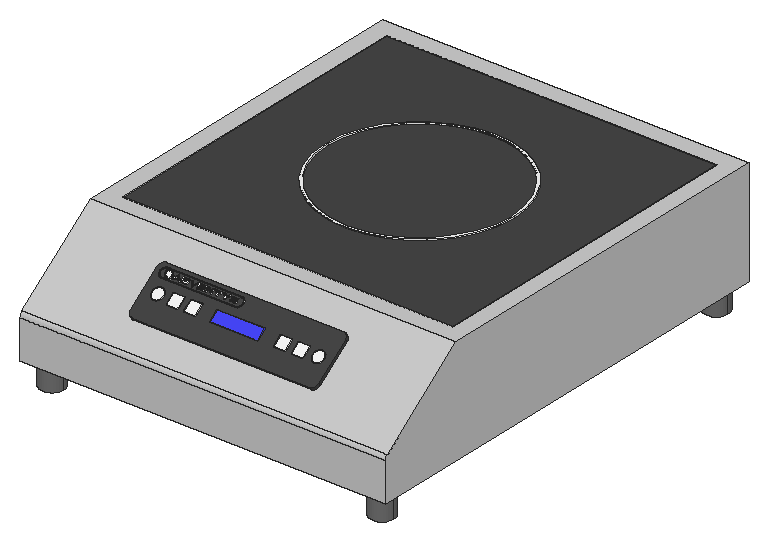
Revit family "QF_ADVENTYS_GLN_3500_250902082906", category Specialty Equipment, Revit 2021
Family settings
  Round Connector Dimension = Use Diameter
  Part Type = Normal
  OmniClass Number = 23.40.40.14
  OmniClass Title = Food Service Equipment
  Work Plane-Based = No
  Always vertical = Yes
  Cut with Voids When Loaded = No
  Shared = No
  Room Calculation Point = No
Parameters (values of type "ADV1702")
  Weight in Pounds [instance] = 0
  Weight = 4.40 kg
  Warranty Start Date [instance] = ""
  Warranty Duration [instance] = ""
  Volts [instance] = 230 V
  URL Recommended Spares List = ""
  URL Manufacturer = ""
  URL Cutsheet = ""
  URL Critical Spares List = ""
  URL = "www.adventys.com"
  Tag Number [instance] = ""
  Status [instance] = ""
  Specification by User [instance] = ""
  Specification by Manufacturer [instance] = ""
  Sound Level [instance] = ""
  Solid Fuel Type [instance] = ""
  Service Life Duration [instance] = ""
  Serial Number [instance] = ""
  Seismic Rating [instance] = ""
  SMACNA No [instance] = ""
  Revision Code [instance] = ""
  Revision [instance] = ""
  Production Year [instance] = ""
  Point Load [instance] = 0
  Phase [instance] = 1
  Other Equipment Approvals [instance] = ""
  Number of Poles [instance] = 2
  NAFEM Spec ID Number [instance] = ""
  Model Warning [instance] = ""
  Model = "GLN 3500"
  Min Ckt Ampacity [instance] = 0 A
  Max Overcurrent Protection [instance] = 25 A
  Masterspec [instance] = ""
  Manufacturer = "ADVENTYS"
  Length Actual = 310 mm
  Item Number [instance] = ""
  Installed By [instance] = ""
  Installation Date [instance] = ""
  Identify Quantity as Lot [instance] = no
  ID [instance] = ""
  Hygiene Approval [instance] = ""
  Hot Water Consumption = 0.0 L/s
  Height Actual = 110 mm
  HP power [instance] = ""
  Furnished By [instance] = ""
  Foodservice Equipment Identifier [instance] = no
  FL Amps [instance] = 16 A
  Electrical Remarks [instance] = ""
  Electric power [instance] = 0 W
  Electric Connection Type [instance] = ""
  Elec Conn RI Height [instance] = 0 mm
  Elec Conn Connection Height [instance] = 0 mm
  ETL Approved [instance] = no
  Description = "1 ZONE UNIT – FREESTANDING INDUCTION COOKING APPLIANCE-3500W"
  Depth Actual = 385 mm
  Default Elevation = 0 mm
  Cycle [instance] = 50 Hz
  Cost = 0
  Conn Plug [instance] = ""
  Conn Conduit [instance] = no
  CSI MasterFormat [instance] = ""
  CE Approved [instance] = no
  Barcode [instance] = 0
  Author [instance] = ""
  Asset Identifier [instance] = ""
  Apparent Power [instance] = 3500 VA
  Accessory = no
Reference planes
  plane 1 "Center (Front/Back)": y = 0
  plane 2: z = 0
  plane 3 "Center (Left/Right)": x = 0
Forms (mm)
  Extrusion 1, solid, not visible
    sketch origin (155.008, -15.001, 20.001) x (1, 0, 0) y (0, 1, 0)
      loop
        line (-2, 2) -> (-2, -2) -> (2, -2) -> (2, 2) -> (-2, 2)
    from -2 to 2
Dimensions and locks
  locked: nested 2 to Extrusion 1 at 2  (x2)
  aligned and locked: level to plane 2
Nested families
  nested 1: "QF_ADVENTYS_ADV1869_2916" at (0, 0, 0), type "ADV1702"
    with Status "", Show Logo yes, Show Clearance yes
  nested 2: "CONN_POINT_ELE_2D___Generic_Annotation" at (155.008, -15.001, 18.001), type "CONN_POINT_ELE_2D___Generic_Annotation"
    with Onboard connection annotation symbol visibility yes
Connectors
  electrical at (155.008, -15.001, 18.001), driven by "Apparent Power", driven by "Number of Poles", driven by "Volts"
    settings: on Extrusion 1, index 1, voltage 230 V, apparent load 0 VA, apparent load phase1 3500 VA, apparent load phase2 0 VA, apparent load phase3 0 VA, power factor 1, load classification "Other", number of poles 2, system type 31, power factor state 1, is connector primary yes, connector utility no, sub classification motor no, connector description "Electrical connection for GLN 3500"
Definition of nested family "QF_ADVENTYS_ADV1869_2916"
  Parameters (values of type "ADV1870")
    URL = "www.adventys.com"
    Status [instance] = ""
    Show Logo [instance] = yes
    Show Clearance [instance] = yes
    Model = "GLN 2500 PASTRY"
    Manufacturer = "ADVENTYS"
    Description = "1 ZONE UNIT – FREESTANDING INDUCTION COOKING APPLIANCE-2500W"
    Default Elevation = 0 mm
    Author = "SPECIFI"
    Assembly Code = "E1090320"
  Types (3, lengths in mm): name | Model | Description
    ADV1702 | "GLN 3500" | "1 ZONE UNIT – FREESTANDING INDUCTION COOKING APPLIANCE-3500W"
    ADV1870 | "GLN 2500 PASTRY" | "1 ZONE UNIT – FREESTANDING INDUCTION COOKING APPLIANCE-2500W"
    ADV1869 | "GLN 3000" | "1 ZONE UNIT – FREESTANDING INDUCTION COOKING APPLIANCE-3000W"
  Reference planes
    plane 1 "Back": y = 0
    plane 2: z = 0
    plane 3 "Left": x = 0
    plane 4 "Right": x = 310
    plane 5 "Front": y = -385
    plane 6 "Top": z = 110
    plane 7: x = 155
    plane 8: y = -155
  Forms (mm)
    Extrusion 1, solid
      sketch origin (0, 0, 0) x (1, 0, 0) y (0, 1, 0)
        loop
          line (0, 0) -> (0, -310) -> (310, -310) -> (310, 0) -> (0, 0)
        loop
          line (15, -15) -> (15, -295) -> (295, -295) -> (295, -15) -> (15, -15)
      from 20 to 110
    Extrusion 2, solid
      sketch origin (0, 0, 0) x (1, 0, 0) y (0, 1, 0)
        loop
          line (15, -15) -> (15, -295) -> (295, -295) -> (295, -15) -> (15, -15)
      from 101.726 to 110
    Extrusion 3, solid
      sketch origin (0, 0, -19.538) x (1, 0, 0) y (0, 1, 0)
        loop
          circle (155, -155) r 80
        loop
          circle (155, -155) r 78
      from 128 to 130
    Extrusion 4, solid
      sketch origin (0, 0, 0) x (0, 1, 0) y (0, 0, 1)
        loop
          line (-310, 20) -> (-310, 110) -> (-382.957, 56.498)
          arc (-382.957, 56.498) -> (-384.46, 54.726) -> (-385, 52.466) r 5
          line (-385, 52.466) -> (-385, 20) -> (-310, 20)
      from 0 to 310
    Extrusion 5, solid
      sketch origin (0, 0, -81.726) x (1, 0, 0) y (0, 1, 0)
        loop
          line (15, -15) -> (15, -295) -> (295, -295) -> (295, -15) -> (15, -15)
      from 101.726 to 110
    Extrusion 6, solid
      sketch origin (0, 0, 0) x (1, 0, 0) y (0, 1, 0)
        loop
          circle (15, -15) r 10
        loop
          circle (295, -15) r 10
        loop
          circle (295, -370) r 10
        loop
          circle (15, -370) r 10
      from 0 to 20
    Extrusion 7, solid
      sketch origin (-4.081, 0, 0) x (0, 1, 0) y (0, 0, 1)
        loop
          line (0, 97.125) -> (0, 91.484) -> (5.641, 91.484)
          arc (5.641, 91.484) -> (3.989, 95.473) -> (0, 97.125) r 5.641
        loop
          line (0, 79.125) -> (0, 73.484) -> (5.641, 73.484)
          arc (5.641, 73.484) -> (3.989, 77.473) -> (0, 79.125) r 5.641
        loop
          line (0, 61.125) -> (0, 55.484) -> (5.641, 55.484)
          arc (5.641, 55.484) -> (3.989, 59.473) -> (0, 61.125) r 5.641
        loop
          line (0, 43.125) -> (0, 37.484) -> (5.641, 37.484)
          arc (5.641, 37.484) -> (3.989, 41.473) -> (0, 43.125) r 5.641
      from 140.518 to 177.644
    Extrusion 8, solid
      sketch origin (53.045, 0, 0) x (0, 1, 0) y (0, 0, 1)
        loop
          line (0, 97.125) -> (0, 91.484) -> (5.641, 91.484)
          arc (5.641, 91.484) -> (3.989, 95.473) -> (0, 97.125) r 5.641
        loop
          line (0, 79.125) -> (0, 73.484) -> (5.641, 73.484)
          arc (5.641, 73.484) -> (3.989, 77.473) -> (0, 79.125) r 5.641
        loop
          line (0, 61.125) -> (0, 55.484) -> (5.641, 55.484)
          arc (5.641, 55.484) -> (3.989, 59.473) -> (0, 61.125) r 5.641
        loop
          line (0, 43.125) -> (0, 37.484) -> (5.641, 37.484)
          arc (5.641, 37.484) -> (3.989, 41.473) -> (0, 43.125) r 5.641
      from 140.518 to 177.644
    Extrusion 9, solid
      sketch origin (110.172, 0, 0) x (0, 1, 0) y (0, 0, 1)
        loop
          line (0, 97.125) -> (0, 91.484) -> (5.641, 91.484)
          arc (5.641, 91.484) -> (3.989, 95.473) -> (0, 97.125) r 5.641
        loop
          line (0, 79.125) -> (0, 73.484) -> (5.641, 73.484)
          arc (5.641, 73.484) -> (3.989, 77.473) -> (0, 79.125) r 5.641
        loop
          line (0, 61.125) -> (0, 55.484) -> (5.641, 55.484)
          arc (5.641, 55.484) -> (3.989, 59.473) -> (0, 61.125) r 5.641
        loop
          line (0, 43.125) -> (0, 37.484) -> (5.641, 37.484)
          arc (5.641, 37.484) -> (3.989, 41.473) -> (0, 43.125) r 5.641
      from 140.518 to 177.644
    Extrusion 10, solid
      sketch origin (256.955, 0, 0) x (0, 1, 0) y (0, 0, -1)
        loop
          arc (0, -97.125) -> (3.989, -95.473) -> (5.641, -91.484) r 5.641
          line (5.641, -91.484) -> (0, -91.484) -> (0, -97.125)
        loop
          arc (0, -79.125) -> (3.989, -77.473) -> (5.641, -73.484) r 5.641
          line (5.641, -73.484) -> (0, -73.484) -> (0, -79.125)
        loop
          arc (0, -61.125) -> (3.989, -59.473) -> (5.641, -55.484) r 5.641
          line (5.641, -55.484) -> (0, -55.484) -> (0, -61.125)
        loop
          arc (0, -43.125) -> (3.989, -41.473) -> (5.641, -37.484) r 5.641
          line (5.641, -37.484) -> (0, -37.484) -> (0, -43.125)
      from 140.518 to 177.644
    Extrusion 11, solid
      sketch origin (199.828, 0, 0) x (0, 1, 0) y (0, 0, -1)
        loop
          arc (0, -97.125) -> (3.989, -95.473) -> (5.641, -91.484) r 5.641
          line (5.641, -91.484) -> (0, -91.484) -> (0, -97.125)
        loop
          arc (0, -79.125) -> (3.989, -77.473) -> (5.641, -73.484) r 5.641
          line (5.641, -73.484) -> (0, -73.484) -> (0, -79.125)
        loop
          arc (0, -61.125) -> (3.989, -59.473) -> (5.641, -55.484) r 5.641
          line (5.641, -55.484) -> (0, -55.484) -> (0, -61.125)
        loop
          arc (0, -43.125) -> (3.989, -41.473) -> (5.641, -37.484) r 5.641
          line (5.641, -37.484) -> (0, -37.484) -> (0, -43.125)
      from 140.518 to 177.644
    Extrusion 12, solid
      sketch origin (0, 0, 0) x (1, 0, 0) y (0, 1, 0)
        loop
          circle (155, -15) r 10
      from 17.922 to 20
    Extrusion 13, solid
      sketch origin (0, 16.725, 172.268) x (1, 0, 0) y (0, 0.806405, 0.591364)
        loop
          arc (80, -323.032) -> (76.464, -324.496) -> (75, -328.032) r 5
          line (75, -328.032) -> (75, -363.032)
          arc (75, -363.032) -> (76.464, -366.568) -> (80, -368.032) r 5
          line (80, -368.032) -> (230, -368.032)
          arc (230, -368.032) -> (233.536, -366.568) -> (235, -363.032) r 5
          line (235, -363.032) -> (235, -328.032)
          arc (235, -328.032) -> (233.536, -324.496) -> (230, -323.032) r 5
          line (230, -323.032) -> (80, -323.032)
        loop
          circle (86.885, -345.532) r 5
        loop
          line (96.885, -341.532) -> (96.885, -349.532)
          arc (96.885, -349.532) -> (97.178, -350.239) -> (97.885, -350.532) r 1
          line (97.885, -350.532) -> (105.885, -350.532)
          arc (105.885, -350.532) -> (106.592, -350.239) -> (106.885, -349.532) r 1
          line (106.885, -349.532) -> (106.885, -341.532)
          arc (106.885, -341.532) -> (106.592, -340.825) -> (105.885, -340.532) r 1
          line (105.885, -340.532) -> (97.885, -340.532)
          arc (97.885, -340.532) -> (97.178, -340.825) -> (96.885, -341.532) r 1
        loop
          line (111.885, -341.532) -> (111.885, -349.532)
          arc (111.885, -349.532) -> (112.178, -350.239) -> (112.885, -350.532) r 1
          line (112.885, -350.532) -> (120.885, -350.532)
          arc (120.885, -350.532) -> (121.592, -350.239) -> (121.885, -349.532) r 1
          line (121.885, -349.532) -> (121.885, -341.532)
          arc (121.885, -341.532) -> (121.592, -340.825) -> (120.885, -340.532) r 1
          line (120.885, -340.532) -> (112.885, -340.532)
          arc (112.885, -340.532) -> (112.178, -340.825) -> (111.885, -341.532) r 1
        loop
          circle (223.115, -345.532) r 5
        loop
          arc (213.115, -341.532) -> (212.822, -340.825) -> (212.115, -340.532) r 1
          line (212.115, -340.532) -> (204.115, -340.532)
          arc (204.115, -340.532) -> (203.408, -340.825) -> (203.115, -341.532) r 1
          line (203.115, -341.532) -> (203.115, -349.532)
          arc (203.115, -349.532) -> (203.408, -350.239) -> (204.115, -350.532) r 1
          line (204.115, -350.532) -> (212.115, -350.532)
          arc (212.115, -350.532) -> (212.822, -350.239) -> (213.115, -349.532) r 1
          line (213.115, -349.532) -> (213.115, -341.532)
        loop
          arc (198.115, -341.532) -> (197.822, -340.825) -> (197.115, -340.532) r 1
          line (197.115, -340.532) -> (189.115, -340.532)
          arc (189.115, -340.532) -> (188.408, -340.825) -> (188.115, -341.532) r 1
          line (188.115, -341.532) -> (188.115, -349.532)
          arc (188.115, -349.532) -> (188.408, -350.239) -> (189.115, -350.532) r 1
          line (189.115, -350.532) -> (197.115, -350.532)
          arc (197.115, -350.532) -> (197.822, -350.239) -> (198.115, -349.532) r 1
          line (198.115, -349.532) -> (198.115, -341.532)
        loop
          line (134.135, -340.532) -> (134.135, -350.532) -> (174.814, -350.532) -> (174.814, -340.532) -> (134.135, -340.532)
      from 143 to 145
    Extrusion 14, solid
      sketch origin (0, 16.725, 172.268) x (1, 0, 0) y (0, 0.806405, 0.591364)
        loop
          circle (86.885, -345.532) r 5
        loop
          arc (97.885, -340.532) -> (97.178, -340.825) -> (96.885, -341.532) r 1
          line (96.885, -341.532) -> (96.885, -349.532)
          arc (96.885, -349.532) -> (97.178, -350.239) -> (97.885, -350.532) r 1
          line (97.885, -350.532) -> (105.885, -350.532)
          arc (105.885, -350.532) -> (106.592, -350.239) -> (106.885, -349.532) r 1
          line (106.885, -349.532) -> (106.885, -341.532)
          arc (106.885, -341.532) -> (106.592, -340.825) -> (105.885, -340.532) r 1
          line (105.885, -340.532) -> (97.885, -340.532)
        loop
          arc (112.885, -340.532) -> (112.178, -340.825) -> (111.885, -341.532) r 1
          line (111.885, -341.532) -> (111.885, -349.532)
          arc (111.885, -349.532) -> (112.178, -350.239) -> (112.885, -350.532) r 1
          line (112.885, -350.532) -> (120.885, -350.532)
          arc (120.885, -350.532) -> (121.592, -350.239) -> (121.885, -349.532) r 1
          line (121.885, -349.532) -> (121.885, -341.532)
          arc (121.885, -341.532) -> (121.592, -340.825) -> (120.885, -340.532) r 1
          line (120.885, -340.532) -> (112.885, -340.532)
        loop
          circle (223.115, -345.532) r 5
        loop
          line (212.115, -340.532) -> (204.115, -340.532)
          arc (204.115, -340.532) -> (203.408, -340.825) -> (203.115, -341.532) r 1
          line (203.115, -341.532) -> (203.115, -349.532)
          arc (203.115, -349.532) -> (203.408, -350.239) -> (204.115, -350.532) r 1
          line (204.115, -350.532) -> (212.115, -350.532)
          arc (212.115, -350.532) -> (212.822, -350.239) -> (213.115, -349.532) r 1
          line (213.115, -349.532) -> (213.115, -341.532)
          arc (213.115, -341.532) -> (212.822, -340.825) -> (212.115, -340.532) r 1
        loop
          line (197.115, -340.532) -> (189.115, -340.532)
          arc (189.115, -340.532) -> (188.408, -340.825) -> (188.115, -341.532) r 1
          line (188.115, -341.532) -> (188.115, -349.532)
          arc (188.115, -349.532) -> (188.408, -350.239) -> (189.115, -350.532) r 1
          line (189.115, -350.532) -> (197.115, -350.532)
          arc (197.115, -350.532) -> (197.822, -350.239) -> (198.115, -349.532) r 1
          line (198.115, -349.532) -> (198.115, -341.532)
          arc (198.115, -341.532) -> (197.822, -340.825) -> (197.115, -340.532) r 1
      from 143 to 145
    Extrusion 15, solid, visible <- "Show Logo"
      sketch origin (-4.557, 111.078, 202.063) x (1, 0, 0) y (0, 0.806405, 0.591364)
        loop
          arc (88.581, -421.313) -> (88.113, -421.507) -> (87.92, -421.974) r 0.661
          line (87.92, -421.974) -> (87.92, -423.61)
          arc (87.92, -423.61) -> (88.124, -424.087) -> (88.609, -424.27) r 0.661
          line (88.609, -424.27) -> (88.609, -423.032)
          arc (88.609, -423.032) -> (88.952, -422.351) -> (89.662, -422.077) r 1.058
          line (89.662, -422.077) -> (92.486, -422.077)
          arc (92.486, -422.077) -> (92.335, -421.544) -> (91.833, -421.313) r 0.661
          line (91.833, -421.313) -> (88.581, -421.313)
        loop
          arc (88.581, -420.916) -> (87.833, -421.226) -> (87.523, -421.974) r 1.058
          line (87.523, -421.974) -> (87.523, -423.61)
          arc (87.523, -423.61) -> (87.843, -424.368) -> (88.609, -424.667) r 1.058
          arc (88.609, -424.667) -> (88.88, -425.483) -> (89.667, -425.828) r 1.058
          arc (89.667, -425.828) -> (89.974, -426.583) -> (90.725, -426.896) r 1.058
          line (90.725, -426.896) -> (93.719, -426.896)
          arc (93.719, -426.896) -> (94.467, -426.586) -> (94.777, -425.838) r 1.058
          line (94.777, -425.838) -> (94.777, -424.306)
          arc (94.777, -424.306) -> (94.463, -423.554) -> (93.708, -423.248) r 1.058
          arc (93.708, -423.248) -> (93.515, -422.517) -> (92.883, -422.101) r 1.058
          arc (92.883, -422.101) -> (92.625, -421.273) -> (91.833, -420.916) r 1.058
          line (91.833, -420.916) -> (88.581, -420.916)
        loop
          arc (93.719, -426.499) -> (94.187, -426.306) -> (94.38, -425.838) r 0.661
          line (94.38, -425.838) -> (94.38, -424.306)
          arc (94.38, -424.306) -> (94.185, -423.837) -> (93.714, -423.645) r 0.661
          line (93.714, -423.645) -> (93.714, -424.77)
          arc (93.714, -424.77) -> (93.404, -425.518) -> (92.656, -425.828) r 1.058
          line (92.656, -425.828) -> (90.064, -425.828)
          arc (90.064, -425.828) -> (90.254, -426.302) -> (90.725, -426.499) r 0.661
          line (90.725, -426.499) -> (93.719, -426.499)
        loop
          arc (95.546, -425.156) -> (95.587, -425.684) -> (96.116, -425.67) r 0.384
          line (96.116, -425.67) -> (96.845, -424.94) -> (99.743, -424.94) -> (100.472, -425.67)
          arc (100.472, -425.67) -> (101.001, -425.684) -> (101.042, -425.156) r 0.384
          line (101.042, -425.156) -> (98.294, -421.762) -> (95.546, -425.156)
        loop
          line (98.294, -423.127) -> (97.364, -424.275) -> (99.224, -424.275) -> (98.294, -423.127)
        loop
          line (102.315, -421.827) -> (102.315, -425.732) -> (105.995, -425.732)
          arc (105.995, -425.732) -> (107.947, -423.78) -> (105.995, -421.827) r 1.953
          line (105.995, -421.827) -> (102.315, -421.827)
        loop
          line (105.995, -422.854) -> (103.343, -422.854) -> (103.343, -424.705) -> (105.995, -424.705)
          arc (105.995, -424.705) -> (106.92, -423.78) -> (105.995, -422.854) r 0.925
        loop
          arc (109.84, -422.053) -> (109.312, -422.039) -> (109.27, -422.566) r 0.384
          line (109.27, -422.566) -> (112.019, -425.961) -> (114.767, -422.566)
          arc (114.767, -422.566) -> (114.725, -422.039) -> (114.197, -422.053) r 0.384
          line (114.197, -422.053) -> (112.019, -424.743) -> (109.84, -422.053)
        loop
          line (121.269, -421.781) -> (116.07, -421.781) -> (116.07, -425.732) -> (121.269, -425.732)
          arc (121.269, -425.732) -> (121.671, -425.331) -> (121.269, -424.93) r 0.401
          line (121.269, -424.93) -> (116.972, -424.93) -> (116.972, -424.139) -> (121.269, -424.139)
          arc (121.269, -424.139) -> (121.633, -423.775) -> (121.269, -423.412) r 0.363
          line (121.269, -423.412) -> (116.972, -423.412) -> (116.972, -422.583) -> (121.269, -422.583)
          arc (121.269, -422.583) -> (121.671, -422.182) -> (121.269, -421.781) r 0.401
        loop
          line (122.879, -422.331) -> (122.879, -425.274)
          arc (122.879, -425.274) -> (123.306, -425.701) -> (123.733, -425.274) r 0.427
          line (123.733, -425.274) -> (123.733, -423.122) -> (127.538, -425.5)
          arc (127.538, -425.5) -> (128.155, -425.516) -> (128.468, -424.984) r 0.608
          line (128.468, -424.984) -> (128.468, -422.254)
          arc (128.468, -422.254) -> (128.018, -421.804) -> (127.568, -422.254) r 0.45
          line (127.568, -422.254) -> (127.568, -424.337) -> (123.663, -421.897)
          arc (123.663, -421.897) -> (123.143, -421.883) -> (122.879, -422.331) r 0.513
        loop
          arc (130.273, -421.857) -> (129.778, -422.352) -> (130.273, -422.846) r 0.494
          line (130.273, -422.846) -> (132.065, -422.846) -> (132.065, -425.082)
          arc (132.065, -425.082) -> (132.54, -425.558) -> (133.016, -425.082) r 0.475
          line (133.016, -425.082) -> (133.016, -422.846) -> (134.724, -422.846)
          arc (134.724, -422.846) -> (135.218, -422.352) -> (134.724, -421.857) r 0.494
          line (134.724, -421.857) -> (130.273, -421.857)
        loop
          line (139.461, -423.175) -> (137.5, -421.853)
          arc (137.5, -421.853) -> (136.836, -421.982) -> (136.965, -422.646) r 0.479
          line (136.965, -422.646) -> (138.926, -423.969) -> (138.926, -425.108)
          arc (138.926, -425.108) -> (139.461, -425.643) -> (139.997, -425.108) r 0.535
          line (139.997, -425.108) -> (139.997, -423.969) -> (141.958, -422.646)
          arc (141.958, -422.646) -> (142.087, -421.982) -> (141.423, -421.853) r 0.479
          line (141.423, -421.853) -> (139.461, -423.175)
        loop
          line (148.501, -421.857) -> (144.795, -421.857)
          arc (144.795, -421.857) -> (143.661, -422.991) -> (144.795, -424.125) r 1.134
          line (144.795, -424.125) -> (147.852, -424.125)
          arc (147.852, -424.125) -> (148.265, -424.538) -> (147.852, -424.951) r 0.413
          line (147.852, -424.951) -> (144.128, -424.951)
          arc (144.128, -424.951) -> (143.786, -425.292) -> (144.128, -425.634) r 0.342
          line (144.128, -425.634) -> (148.218, -425.634)
          arc (148.218, -425.634) -> (148.994, -424.394) -> (147.885, -423.44) r 1.122
          line (147.885, -423.44) -> (144.736, -423.44)
          arc (144.736, -423.44) -> (144.286, -422.99) -> (144.736, -422.541) r 0.45
          line (144.736, -422.541) -> (148.501, -422.541)
          arc (148.501, -422.541) -> (148.843, -422.199) -> (148.501, -421.857) r 0.342
        loop
          arc (87.442, -420.162) -> (83.674, -423.931) -> (87.442, -427.699) r 3.769
          line (87.442, -427.699) -> (150.103, -427.699)
          arc (150.103, -427.699) -> (153.872, -423.931) -> (150.103, -420.162) r 3.769
          line (150.103, -420.162) -> (87.442, -420.162)
        loop
          arc (87.442, -419.771) -> (83.283, -423.931) -> (87.442, -428.091) r 4.16
          line (87.442, -428.091) -> (150.103, -428.091)
          arc (150.103, -428.091) -> (154.263, -423.931) -> (150.103, -419.771) r 4.16
          line (150.103, -419.771) -> (87.442, -419.771)
      from 176.77 to 176.97
    Extrusion 16, solid
      sketch origin (17.5, 16.725, 172.268) x (1, 0, 0) y (0, 0.806405, 0.591364)
        loop
          line (116.635, -340.532) -> (116.635, -350.532) -> (157.314, -350.532) -> (157.314, -340.532) -> (116.635, -340.532)
      from 143 to 145
  Cuts and joins
    joined: Extrusion 1, Extrusion 4
  Lines and regions (mm)
    symbolic lines
      curve 1: line (310, 0, 0) -> (0, 0, 0)
      curve 2: line (0, 0, 0) -> (0, -385, 0)
      curve 3: line (310, -385, 0) -> (310, 0, 0)
      curve 4: line (0, -385, 0) -> (310, -385, 0)
      curve 5: circle (155, -155, 0) r 78 normal (0, 0, -1)
      curve 6: line (310, -310, 0) -> (0, -310, 0)
      curve 7: line (15, -15, 0) -> (15, -295, 0)
      curve 8: line (295, -15, 0) -> (15, -15, 0)
      curve 9: line (295, -295, 0) -> (295, -15, 0)
      curve 10: line (15, -295, 0) -> (295, -295, 0)
      curve 11: line (235, -361.773, 0) -> (235, -333.549, 0)
      curve 12: spline (230, -365.805, 0) -> (230.653, -365.771, 0) -> (231.294, -365.668, 0) -> (231.913, -365.498, 0) -> (232.5, -365.265, 0) -> (233.044, -364.972, 0) -> (233.536, -364.624, 0) -> (233.967, -364.228, 0) -> (234.33, -363.789, 0) -> (234.619, -363.316, 0) -> (234.83, -362.817, 0) -> (234.957, -362.3, 0) -> (235, -361.773, 0)
      curve 13: line (80, -365.805, 0) -> (230, -365.805, 0)
      curve 14: spline (75, -361.773, 0) -> (75.043, -362.3, 0) -> (75.17, -362.817, 0) -> (75.381, -363.316, 0) -> (75.67, -363.789, 0) -> (76.033, -364.228, 0) -> (76.464, -364.624, 0) -> (76.956, -364.972, 0) -> (77.5, -365.265, 0) -> (78.087, -365.498, 0) -> (78.706, -365.668, 0) -> (79.347, -365.771, 0) -> (80, -365.805, 0)
      curve 15: line (75, -333.549, 0) -> (75, -361.773, 0)
      curve 16: spline (80, -329.517, 0) -> (79.347, -329.552, 0) -> (78.706, -329.654, 0) -> (78.087, -329.824, 0) -> (77.5, -330.057, 0) -> (76.956, -330.35, 0) -> (76.464, -330.698, 0) -> (76.033, -331.095, 0) -> (75.67, -331.533, 0) -> (75.381, -332.006, 0) -> (75.17, -332.505, 0) -> (75.043, -333.023, 0) -> (75, -333.549, 0)
      curve 17: line (230, -329.517, 0) -> (80, -329.517, 0)
      curve 18: spline (235, -333.549, 0) -> (234.957, -333.023, 0) -> (234.83, -332.505, 0) -> (234.619, -332.006, 0) -> (234.33, -331.533, 0) -> (233.967, -331.095, 0) -> (233.536, -330.698, 0) -> (233.044, -330.35, 0) -> (232.5, -330.057, 0) -> (231.913, -329.824, 0) -> (231.294, -329.654, 0) -> (230.653, -329.552, 0) -> (230, -329.517, 0)
      curve 19: spline (228.115, -347.661, 0) -> (227.945, -346.618, 0) -> (227.445, -345.645, 0) -> (226.651, -344.81, 0) -> (225.615, -344.169, 0) -> (224.409, -343.766, 0) -> (223.115, -343.629, 0) -> (221.821, -343.766, 0) -> (220.615, -344.169, 0) -> (219.58, -344.81, 0) -> (218.785, -345.645, 0) -> (218.286, -346.618, 0) -> (218.115, -347.661, 0)
      curve 20: spline (218.115, -347.661, 0) -> (218.286, -348.705, 0) -> (218.785, -349.677, 0) -> (219.58, -350.512, 0) -> (220.615, -351.153, 0) -> (221.821, -351.556, 0) -> (223.115, -351.693, 0) -> (224.409, -351.556, 0) -> (225.615, -351.153, 0) -> (226.651, -350.512, 0) -> (227.445, -349.677, 0) -> (227.945, -348.705, 0) -> (228.115, -347.661, 0)
      curve 21: line (213.115, -350.887, 0) -> (213.115, -344.436, 0)
      curve 22: line (212.115, -343.629, 0) -> (204.115, -343.629, 0)
      curve 23: line (203.115, -344.436, 0) -> (203.115, -350.887, 0)
      curve 24: line (204.115, -351.693, 0) -> (212.115, -351.693, 0)
      curve 25: spline (204.115, -351.693, 0) -> (203.985, -351.686, 0) -> (203.857, -351.666, 0) -> (203.733, -351.632, 0) -> (203.615, -351.585, 0) -> (203.507, -351.527, 0) -> (203.408, -351.457, 0) -> (203.322, -351.378, 0) -> (203.249, -351.29, 0) -> (203.191, -351.195, 0) -> (203.149, -351.095, 0) -> (203.124, -350.992, 0) -> (203.115, -350.887, 0)
      curve 26: spline (213.115, -344.436, 0) -> (213.107, -344.33, 0) -> (213.081, -344.227, 0) -> (213.039, -344.127, 0) -> (212.981, -344.032, 0) -> (212.909, -343.945, 0) -> (212.822, -343.865, 0) -> (212.724, -343.796, 0) -> (212.615, -343.737, 0) -> (212.498, -343.69, 0) -> (212.374, -343.657, 0) -> (212.246, -343.636, 0) -> (212.115, -343.629, 0)
      curve 27: spline (212.115, -351.693, 0) -> (212.246, -351.686, 0) -> (212.374, -351.666, 0) -> (212.498, -351.632, 0) -> (212.615, -351.585, 0) -> (212.724, -351.527, 0) -> (212.822, -351.457, 0) -> (212.909, -351.378, 0) -> (212.981, -351.29, 0) -> (213.039, -351.195, 0) -> (213.081, -351.095, 0) -> (213.107, -350.992, 0) -> (213.115, -350.887, 0)
      curve 28: spline (203.115, -344.436, 0) -> (203.124, -344.33, 0) -> (203.149, -344.227, 0) -> (203.191, -344.127, 0) -> (203.249, -344.032, 0) -> (203.322, -343.945, 0) -> (203.408, -343.865, 0) -> (203.507, -343.796, 0) -> (203.615, -343.737, 0) -> (203.733, -343.69, 0) -> (203.857, -343.657, 0) -> (203.985, -343.636, 0) -> (204.115, -343.629, 0)
      curve 29: line (198.115, -350.887, 0) -> (198.115, -344.436, 0)
      curve 30: line (197.115, -343.629, 0) -> (189.115, -343.629, 0)
      curve 31: line (188.115, -344.436, 0) -> (188.115, -350.887, 0)
      curve 32: line (189.115, -351.693, 0) -> (197.115, -351.693, 0)
      curve 33: spline (189.115, -351.693, 0) -> (188.985, -351.686, 0) -> (188.857, -351.666, 0) -> (188.733, -351.632, 0) -> (188.615, -351.585, 0) -> (188.507, -351.527, 0) -> (188.408, -351.457, 0) -> (188.322, -351.378, 0) -> (188.249, -351.29, 0) -> (188.191, -351.195, 0) -> (188.149, -351.095, 0) -> (188.124, -350.992, 0) -> (188.115, -350.887, 0)
      curve 34: spline (198.115, -344.436, 0) -> (198.107, -344.33, 0) -> (198.081, -344.227, 0) -> (198.039, -344.127, 0) -> (197.981, -344.032, 0) -> (197.909, -343.945, 0) -> (197.822, -343.865, 0) -> (197.724, -343.796, 0) -> (197.615, -343.737, 0) -> (197.498, -343.69, 0) -> (197.374, -343.657, 0) -> (197.246, -343.636, 0) -> (197.115, -343.629, 0)
      curve 35: spline (197.115, -351.693, 0) -> (197.246, -351.686, 0) -> (197.374, -351.666, 0) -> (197.498, -351.632, 0) -> (197.615, -351.585, 0) -> (197.724, -351.527, 0) -> (197.822, -351.457, 0) -> (197.909, -351.378, 0) -> (197.981, -351.29, 0) -> (198.039, -351.195, 0) -> (198.081, -351.095, 0) -> (198.107, -350.992, 0) -> (198.115, -350.887, 0)
      curve 36: spline (188.115, -344.436, 0) -> (188.124, -344.33, 0) -> (188.149, -344.227, 0) -> (188.191, -344.127, 0) -> (188.249, -344.032, 0) -> (188.322, -343.945, 0) -> (188.408, -343.865, 0) -> (188.507, -343.796, 0) -> (188.615, -343.737, 0) -> (188.733, -343.69, 0) -> (188.857, -343.657, 0) -> (188.985, -343.636, 0) -> (189.115, -343.629, 0)
      curve 37: spline (81.885, -347.661, 0) -> (82.055, -346.618, 0) -> (82.555, -345.645, 0) -> (83.349, -344.81, 0) -> (84.385, -344.169, 0) -> (85.591, -343.766, 0) -> (86.885, -343.629, 0) -> (88.179, -343.766, 0) -> (89.385, -344.169, 0) -> (90.42, -344.81, 0) -> (91.215, -345.645, 0) -> (91.714, -346.618, 0) -> (91.885, -347.661, 0)
      curve 38: spline (91.885, -347.661, 0) -> (91.714, -348.705, 0) -> (91.215, -349.677, 0) -> (90.42, -350.512, 0) -> (89.385, -351.153, 0) -> (88.179, -351.556, 0) -> (86.885, -351.693, 0) -> (85.591, -351.556, 0) -> (84.385, -351.153, 0) -> (83.349, -350.512, 0) -> (82.555, -349.677, 0) -> (82.055, -348.705, 0) -> (81.885, -347.661, 0)
      curve 39: line (96.885, -350.887, 0) -> (96.885, -344.436, 0)
      curve 40: line (97.885, -343.629, 0) -> (105.885, -343.629, 0)
      curve 41: line (106.885, -344.436, 0) -> (106.885, -350.887, 0)
      curve 42: line (105.885, -351.693, 0) -> (97.885, -351.693, 0)
      curve 43: spline (105.885, -351.693, 0) -> (106.015, -351.686, 0) -> (106.143, -351.666, 0) -> (106.267, -351.632, 0) -> (106.385, -351.585, 0) -> (106.493, -351.527, 0) -> (106.592, -351.457, 0) -> (106.678, -351.378, 0) -> (106.751, -351.29, 0) -> (106.809, -351.195, 0) -> (106.851, -351.095, 0) -> (106.876, -350.992, 0) -> (106.885, -350.887, 0)
      curve 44: spline (96.885, -344.436, 0) -> (96.893, -344.33, 0) -> (96.919, -344.227, 0) -> (96.961, -344.127, 0) -> (97.019, -344.032, 0) -> (97.091, -343.945, 0) -> (97.178, -343.865, 0) -> (97.276, -343.796, 0) -> (97.385, -343.737, 0) -> (97.502, -343.69, 0) -> (97.626, -343.657, 0) -> (97.754, -343.636, 0) -> (97.885, -343.629, 0)
      curve 45: spline (97.885, -351.693, 0) -> (97.754, -351.686, 0) -> (97.626, -351.666, 0) -> (97.502, -351.632, 0) -> (97.385, -351.585, 0) -> (97.276, -351.527, 0) -> (97.178, -351.457, 0) -> (97.091, -351.378, 0) -> (97.019, -351.29, 0) -> (96.961, -351.195, 0) -> (96.919, -351.095, 0) -> (96.893, -350.992, 0) -> (96.885, -350.887, 0)
      curve 46: spline (106.885, -344.436, 0) -> (106.876, -344.33, 0) -> (106.851, -344.227, 0) -> (106.809, -344.127, 0) -> (106.751, -344.032, 0) -> (106.678, -343.945, 0) -> (106.592, -343.865, 0) -> (106.493, -343.796, 0) -> (106.385, -343.737, 0) -> (106.267, -343.69, 0) -> (106.143, -343.657, 0) -> (106.015, -343.636, 0) -> (105.885, -343.629, 0)
      curve 47: line (111.885, -350.887, 0) -> (111.885, -344.436, 0)
      curve 48: line (112.885, -343.629, 0) -> (120.885, -343.629, 0)
      curve 49: line (121.885, -344.436, 0) -> (121.885, -350.887, 0)
      curve 50: line (120.885, -351.693, 0) -> (112.885, -351.693, 0)
      curve 51: spline (120.885, -351.693, 0) -> (121.015, -351.686, 0) -> (121.143, -351.666, 0) -> (121.267, -351.632, 0) -> (121.385, -351.585, 0) -> (121.493, -351.527, 0) -> (121.592, -351.457, 0) -> (121.678, -351.378, 0) -> (121.751, -351.29, 0) -> (121.809, -351.195, 0) -> (121.851, -351.095, 0) -> (121.876, -350.992, 0) -> (121.885, -350.887, 0)
      curve 52: spline (111.885, -344.436, 0) -> (111.893, -344.33, 0) -> (111.919, -344.227, 0) -> (111.961, -344.127, 0) -> (112.019, -344.032, 0) -> (112.091, -343.945, 0) -> (112.178, -343.865, 0) -> (112.276, -343.796, 0) -> (112.385, -343.737, 0) -> (112.502, -343.69, 0) -> (112.626, -343.657, 0) -> (112.754, -343.636, 0) -> (112.885, -343.629, 0)
      curve 53: spline (112.885, -351.693, 0) -> (112.754, -351.686, 0) -> (112.626, -351.666, 0) -> (112.502, -351.632, 0) -> (112.385, -351.585, 0) -> (112.276, -351.527, 0) -> (112.178, -351.457, 0) -> (112.091, -351.378, 0) -> (112.019, -351.29, 0) -> (111.961, -351.195, 0) -> (111.919, -351.095, 0) -> (111.893, -350.992, 0) -> (111.885, -350.887, 0)
      curve 54: spline (121.885, -344.436, 0) -> (121.876, -344.33, 0) -> (121.851, -344.227, 0) -> (121.809, -344.127, 0) -> (121.751, -344.032, 0) -> (121.678, -343.945, 0) -> (121.592, -343.865, 0) -> (121.493, -343.796, 0) -> (121.385, -343.737, 0) -> (121.267, -343.69, 0) -> (121.143, -343.657, 0) -> (121.015, -343.636, 0) -> (120.885, -343.629, 0)
      curve 55: line (134.135, -343.629, 0) -> (134.135, -351.693, 0)
      curve 56: line (174.814, -343.629, 0) -> (174.814, -351.693, 0)
      curve 57: line (134.135, -343.629, 0) -> (174.814, -343.629, 0)
      curve 58: line (134.135, -351.693, 0) -> (174.814, -351.693, 0)
  Dimensions and locks
    aligned and locked: level to plane 2
Definition of nested family "CONN_POINT_ELE_2D___Generic_Annotation"
  Parameters (values of type "CONN_POINT_ELE_2D___Generic_Annotation")
    Onboard connection annotation symbol visibility [instance] = yes
  Reference planes
    plane 1: y = 0
    plane 2: x = 0
  Lines and regions (mm)
    detail lines, visible <- "Onboard connection annotation symbol visibility"
      curve 1: circle (0, 0, 0) r 0.5 normal (0, 0, 1)
      curve 2: line (-1, 0, 0) -> (1, 0, 0)
      curve 3: line (0, 1, 0) -> (0, -1, 0)
      curve 4: line (2.5, 1, 0) -> (1.25, 1, 0)
      curve 5: line (1.25, 1, 0) -> (1.25, -1, 0)
      curve 6: line (1.25, -1, 0) -> (2.5, -1, 0)
      curve 7: line (1.25, 0, 0) -> (2, 0, 0)
